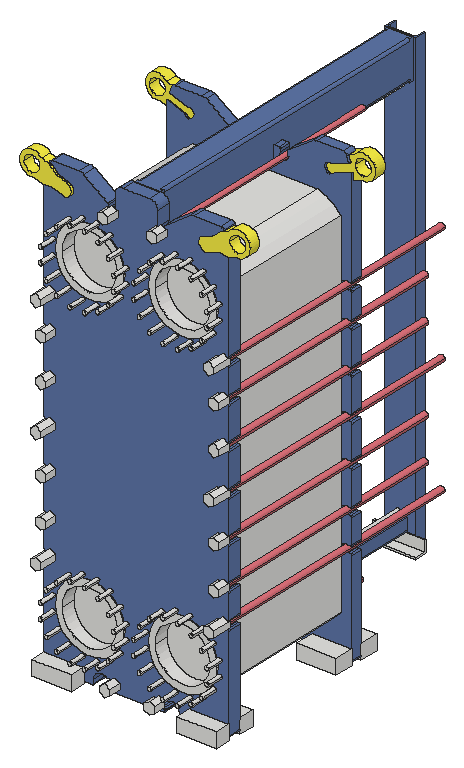
Revit family "HVAC_Heat-Exchanger_Alfa-Laval_Alfa-Laval-T45-FG_ASME_", category Specialty Equipment, Revit 2018 (continued)
Lines and regions (mm)
  Masking region 2, detail levels medium+fine
    outline origin (0, 0, 0) x (1, 0, 0) y (0, 1, 0)
      loop
        line (230, 0) -> (150, 0) -> (150, -92.5) -> (230, -92.5) -> (230, 0)
  Masking region 3, detail levels medium+fine
    outline origin (0, 0, 0) x (1, 0, 0) y (0, 1, 0)
      loop
        line (-712.316, 1269) -> (-712.316, 1189) -> (-100, 1189) -> (-100, 1269) -> (-712.316, 1269)
      loop
        line (100, 1269) -> (100, 1189) -> (715, 1189) -> (715, 1269) -> (100, 1269)
      loop
        line (-715, 105) -> (-715, 0) -> (715, 0) -> (715, 105) -> (-715, 105)
      loop
        line (-107.5, 2576.5) -> (-107.5, 2639) -> (-120, 2639) -> (-120, 2549) -> (120, 2549) -> (120, 2639) -> (107.5, 2639) -> (107.5, 2576.5)
        arc (107.5, 2576.5) -> (103.107, 2565.893) -> (92.5, 2561.5) r 15
        line (92.5, 2561.5) -> (-92.5, 2561.5)
        arc (-92.5, 2561.5) -> (-103.107, 2565.893) -> (-107.5, 2576.5) r 15
  Masking region 4, detail levels medium
    outline origin (0, 0, 0) x (1, 0, 0) y (0, 1, 0)
      loop
        line (-107.5, 2576.5) -> (-107.5, 2639) -> (-120, 2639) -> (-120, 2549) -> (-100, 2549) -> (-100, 1269) -> (-152.5, 1269) -> (-152.5, 1950) -> (-209.5, 1950) -> (-209.5, 1269) -> (-409, 1269) -> (-409, 1423) -> (-646, 1423) -> (-646, 2110) -> (-694, 2110) -> (-694, 1423) -> (-715, 1423) -> (-715, 1284) -> (-891, 1284) -> (-891, 1199) -> (-715, 1199) -> (-715, 1035) -> (-694, 1035) -> (-694, 225) -> (-715, 225) -> (-715, 70) -> (-891, 70) -> (-891, -15) -> (-715, -15) -> (-715, -120) -> (-710, -120) -> (-710, -140) -> (-630, -140) -> (-630, -126) -> (-56.762, -126) -> (-56.762, 0) -> (56.762, 0) -> (56.762, -126) -> (630, -126) -> (630, -140) -> (710, -140) -> (710, -120) -> (715, -120) -> (715, -15) -> (891, -15) -> (891, 70) -> (715, 70) -> (715, 225) -> (694, 225) -> (694, 1035) -> (715, 1035) -> (715, 1199) -> (891, 1199) -> (891, 1284) -> (715, 1284) -> (715, 1423) -> (694, 1423) -> (694, 2110) -> (646, 2110) -> (646, 1423) -> (409, 1423) -> (409, 1269) -> (209.5, 1269) -> (209.5, 1950) -> (152.5, 1950) -> (152.5, 1269) -> (100, 1269) -> (100, 2549) -> (120, 2549) -> (120, 2639) -> (107.5, 2639) -> (107.5, 2576.5)
        arc (107.5, 2576.5) -> (103.107, 2565.893) -> (92.5, 2561.5) r 15
        line (92.5, 2561.5) -> (-92.5, 2561.5)
        arc (-92.5, 2561.5) -> (-103.107, 2565.893) -> (-107.5, 2576.5) r 15
      loop
        line (-646, 1035) -> (-646, 225) -> (-625, 225) -> (-625, 1035) -> (-646, 1035)
      loop
        line (646, 1035) -> (625, 1035) -> (625, 225) -> (646, 225) -> (646, 1035)
  Masking region 5, detail levels coarse
    outline origin (0, 0, 0) x (1, 0, 0) y (0, 1, 0)
      loop
        line (-715, 1423) -> (-715, 0) -> (-630, 0) -> (-630, -126) -> (-56.762, -126) -> (-56.762, 0) -> (56.762, 0) -> (56.762, -126) -> (630, -126) -> (630, 0) -> (715, 0) -> (715, 1423) -> (409, 1423) -> (409, 1269) -> (120, 1269) -> (120, 2449) -> (200, 2449) -> (200, 2549) -> (120, 2549) -> (120, 2639) -> (-120, 2639) -> (-120, 2549) -> (-200, 2549) -> (-200, 2449) -> (-120, 2449) -> (-120, 1269) -> (-409, 1269) -> (-409, 1423) -> (-715, 1423)
  Masking region 6, detail levels coarse
    outline origin (0, 0, 0) x (1, 0, 0) y (0, 1, 0)
      loop
        line (-715, 1423) -> (-715, 1269) -> (-409, 1269) -> (-409, 1423) -> (-715, 1423)
      loop
        line (409, 1423) -> (409, 1269) -> (715, 1269) -> (715, 1423) -> (409, 1423)
      loop
        line (-120, 2639) -> (-120, 1269) -> (120, 1269) -> (120, 2639) -> (-120, 2639)
      loop
        line (-630, -126) -> (-56.762, -126) -> (-56.762, 0) -> (-630, 0) -> (-630, -126)
      loop
        line (630, -126) -> (630, 0) -> (56.762, 0) -> (56.762, -126) -> (630, -126)
  symbolic lines, detail levels medium+fine
    curve 1: line (646, 225, 0) -> (646, 105, 0)
    curve 2: line (-646, 225, 0) -> (-646, 105, 0)
    curve 3: line (-715, -15, 0) -> (-493.386, -15, 0)
    curve 4: line (-493.386, -15, 0) -> (-493.386, 0, 0)
    curve 5: line (715, -15, 0) -> (493.386, -15, 0)
    curve 6: line (493.386, -15, 0) -> (493.386, 0, 0)
    curve 7: line (-663.237, -15, 0) -> (-663.237, -126, 0)
    curve 8: line (-663.237, -126, 0) -> (-629.11, -126, 0)
    curve 9: line (663.237, -15, 0) -> (663.237, -126, 0)
    curve 10: line (663.237, -126, 0) -> (629.11, -126, 0)
    curve 11: line (-646, 1035, 0) -> (-646, 1189, 0)
    curve 12: line (646, 1035, 0) -> (646, 1189, 0)
    curve 13: line (493.386, 1284, 0) -> (879.282, 1284, 0)
    curve 14: line (-493.386, 1284, 0) -> (-879.282, 1284, 0)
  symbolic lines, detail levels fine
    curve 15: line (629.11, -126, 0) -> (629.11, -15, 0)
    curve 16: line (614.541, -126, 0) -> (614.541, -15, 0)
    curve 17: line (585.966, -126, 0) -> (585.966, -15, 0)
    curve 18: line (534.82, -126, 0) -> (534.82, -15, 0)
    curve 19: line (506.245, -126, 0) -> (506.245, -15, 0)
    curve 20: line (430.659, -126, 0) -> (430.659, 0, 0)
    curve 21: line (134.034, -126, 0) -> (134.034, 0, 0)
    curve 22: line (-134.034, -126, 0) -> (-134.034, 0, 0)
    curve 23: line (-430.659, -126, 0) -> (-430.659, 0, 0)
    curve 24: line (-506.245, -126, 0) -> (-506.245, -15, 0)
    curve 25: line (-534.82, -126, 0) -> (-534.82, -15, 0)
    curve 26: line (-585.966, -126, 0) -> (-585.966, -15, 0)
    curve 27: line (-614.442, -126, 0) -> (-614.442, -15, 0)
    curve 28: line (-629.11, -126, 0) -> (-629.11, -15, 0)
Dimensions and locks
  locked: Extrusion 5 sketch curve to plane 1 "Center (Front/Back)" at 120
  locked: plane 1 "Center (Front/Back)" to Extrusion 5 sketch curve at 105
  equal spacing: Extrusion 5 sketch curve, plane 3 "Center (Left/Right)", Extrusion 5 sketch curve
  locked: Extrusion 5 sketch curve to Extrusion 5 sketch curve at 818
  Extrusion 5 sketch curve to plane 3 "Center (Left/Right)" = 715 mm
  locked: plane 1 "Center (Front/Back)" to Extrusion 5 sketch curve at 225
  locked: plane 4 "Back Panel" to Extrusion 5 sketch curve at 154
  locked: Extrusion 5 sketch curve to plane 4 "Back Panel" at 80
  locked: Extrusion 5 sketch curve to plane 4 "Back Panel" at 234
  "zInner_Length": plane 4 "Back Panel" to plane 1 "Center (Front/Back)"
  locked: plane 1 "Center (Front/Back)" to plane 7 "Main body" at 105
  locked: plane 8 to plane 4 "Back Panel" at 80
  "zFirst_Heat_Bars": plane 9 to plane 1 "Center (Front/Back)"
  "zSecond_Heat_Bars": plane 10 to plane 1 "Center (Front/Back)"
  locked: plane 1 "Center (Front/Back)" to plane 12 at 140
  "Depth": plane 11 "Back" to plane 12
  locked: plane 11 "Back" to plane 13 at 90
  locked: plane 14 to plane 6 "Top" at 300
  locked: plane 13 to Extrusion 20 sketch curve at 30
  locked: Extrusion 20 sketch curve to plane 12 at 245
  locked: Extrusion 20 sketch curve to plane 12 at 275
  locked: plane 11 "Back" to Extrusion 24 sketch curve at 90
  locked: plane 11 "Back" to Extrusion 24 sketch curve at 77.5
  plane 3 "Center (Left/Right)" to Extrusion 24 = 120 mm
  locked: plane 13 to Extrusion 25 sketch curve at 14
  locked: plane 13 to Extrusion 25 sketch curve at 100
  locked: Extrusion 27 sketch curve to plane 13 at 100
  locked: plane 8 to Extrusion 35 sketch curve at 154
  locked: Extrusion 35 sketch curve to plane 1 "Center (Front/Back)" at 120
  "Overall Height": plane 15 to level
  "Center Width (Branch Pipes)": plane 17 to plane 16
  "Overall Width": plane 18 to plane 19
  equal spacing: plane 18, plane 3 "Center (Left/Right)", plane 19
  "Center Height (Branch Pipes)": plane 20 to plane 21
  "zLower_Heat_Bars": plane 1 "Center (Front/Back)" to plane 22
  aligned and locked: level to plane 2
  aligned and locked: Extrusion 5 sketch curve to plane 1 "Center (Front/Back)"
  aligned and locked: plane 1 "Center (Front/Back)" to Extrusion 5 sketch curve
  aligned and locked: Extrusion 5 sketch curve to Extrusion 5 sketch curve  (x18)
  aligned and locked: Extrusion 5 sketch curve to plane 4 "Back Panel"
  aligned and locked: plane 4 "Back Panel" to Extrusion 5 sketch curve
  aligned and locked: plane 4 "Back Panel" to Extrusion 9
  aligned and locked: plane 4 "Back Panel" to Extrusion 10
  aligned and locked: plane 9 to Extrusion 11
  aligned and locked: plane 9 to Extrusion 12
  aligned and locked: plane 10 to Extrusion 13
  aligned and locked: Extrusion 13 to plane 10
  aligned and locked: plane 10 to Extrusion 14
  aligned and locked: plane 1 "Center (Front/Back)" to Extrusion 14
  aligned and locked: plane 1 "Center (Front/Back)" to Extrusion 13
  aligned and locked: Extrusion 17 to plane 12
  aligned and locked: Extrusion 18 to plane 12
  aligned and locked: plane 13 to Extrusion 19
  aligned and locked: Extrusion 19 to plane 13
  aligned and locked: plane 6 "Top" to Extrusion 20 sketch curve
  aligned and locked: plane 14 to Extrusion 20 sketch curve
  aligned and locked: plane 13 to Extrusion 20 sketch curve
  aligned and locked: Extrusion 20 sketch curve to plane 14
  aligned and locked: Extrusion 20 sketch curve to plane 6 "Top"
  aligned and locked: plane 13 to Extrusion 21
  aligned and locked: Extrusion 24 sketch curve to plane 11 "Back"
  aligned and locked: Extrusion 24 to level
  aligned and locked: plane 2 to Extrusion 25 sketch curve
  aligned and locked: Extrusion 25 sketch curve to plane 13
  aligned and locked: plane 13 to Extrusion 26
  aligned and locked: Extrusion 27 sketch curve to plane 13
  aligned and locked: level to Extrusion 27 sketch curve
  aligned and locked: Extrusion 28 sketch curve to plane 11 "Back"
  aligned and locked: plane 13 to Extrusion 28 sketch curve
  aligned and locked: Extrusion 29 sketch curve to plane 14
  aligned and locked: plane 13 to Extrusion 29
  aligned and locked: Extrusion 30 sketch curve to plane 8  (x2)
  aligned and locked: Extrusion 30 sketch curve to plane 6 "Top"
  aligned and locked: plane 13 to Extrusion 30 sketch curve
  aligned and locked: level to Extrusion 30 sketch curve
  aligned and locked: Extrusion 30 sketch curve to plane 11 "Back"
  aligned and locked: Extrusion 30 sketch curve to plane 14
  aligned and locked: Extrusion 30 sketch curve to plane 13
  aligned and locked: plane 5 to Extrusion 31 sketch curve
  aligned and locked: Extrusion 31 sketch curve to plane 1 "Center (Front/Back)"
  aligned and locked: Extrusion 31 sketch curve to plane 8
  aligned and locked: plane 6 "Top" to Extrusion 31 sketch curve
  aligned and locked: Extrusion 32 to plane 7 "Main body"
  aligned and locked: Extrusion 35 sketch curve to plane 1 "Center (Front/Back)"  (x2)
  aligned and locked: plane 8 to Extrusion 35 sketch curve  (x2)
  aligned and locked: Extrusion 5 to Extrusion 35 sketch curve  (x2)
  aligned and locked: Extrusion 35 sketch curve to Extrusion 5  (x2)
  aligned and locked: Extrusion 35 sketch curve to Extrusion 35 sketch curve  (x2)
  aligned and locked: Extrusion 35 to Extrusion 5
  aligned and locked: Extrusion 35 to level
  aligned and locked: Masking region 1 sketch curve to Extrusion 24  (x5)
  aligned and locked: Masking region 1 sketch curve to Extrusion 28  (x2)
  aligned and locked: Masking region 1 sketch curve to plane 13
  aligned and locked: plane 8 to Masking region 1 sketch curve
  aligned and locked: Masking region 1 sketch curve to Extrusion 21
  aligned and locked: plane 13 to Masking region 1 sketch curve
  aligned and locked: Masking region 3 sketch curve to Extrusion 2  (x3)
  aligned and locked: plane 4 "Back Panel" to Masking region 3 sketch curve
  aligned and locked: Extrusion 21 to Masking region 3 sketch curve  (x2)
  aligned and locked: plane 8 to Masking region 3 sketch curve
  aligned and locked: Masking region 3 sketch curve to Extrusion 5  (x2)
  aligned and locked: Masking region 3 sketch curve to Extrusion 1
  aligned and locked: Masking region 3 sketch curve to Extrusion 4  (x2)
  aligned and locked: Masking region 3 sketch curve to Extrusion 24  (x5)
  aligned and locked: Masking region 3 sketch curve to Extrusion 28  (x3)
  aligned and locked: Masking region 4 sketch curve to Extrusion 23  (x2)
  aligned and locked: Extrusion 23 to Masking region 4 sketch curve  (x2)
  aligned and locked: Masking region 4 sketch curve to plane 8  (x2)
  aligned and locked: plane 8 to Masking region 4 sketch curve  (x2)
  aligned and locked: Masking region 4 sketch curve to Masking region 4 sketch curve  (x2)
  aligned and locked: Masking region 4 sketch curve to Extrusion 5  (x2)
  aligned and locked: plane 9 to Masking region 4 sketch curve
  aligned and locked: Masking region 4 sketch curve to plane 9
  aligned and locked: plane 10 to Masking region 4 sketch curve
  aligned and locked: Masking region 4 sketch curve to plane 10
  aligned and locked: Masking region 4 sketch curve to plane 13  (x2)
  aligned and locked: plane 11 "Back" to Masking region 4 sketch curve  (x2)
  aligned and locked: Masking region 5 sketch curve to Extrusion 35
  aligned and locked: Masking region 5 sketch curve to plane 8
  aligned and locked: Masking region 5 sketch curve to plane 11 "Back"
  aligned and locked: Masking region 5 sketch curve to Extrusion 27
  aligned and locked: Masking region 5 sketch curve to plane 13
  aligned and locked: Masking region 6 sketch curve to Extrusion 5  (x5)
  aligned and locked: Masking region 6 sketch curve to Masking region 5  (x2)
  aligned and locked: Masking region 6 sketch curve to Extrusion 3
  aligned and locked: Masking region 6 sketch curve to Extrusion 31
  aligned and locked: Masking region 6 sketch curve to Extrusion 28
  aligned and locked: Masking region 6 sketch curve to Extrusion 30
  aligned and locked: Extrusion 2 to Masking region 6 sketch curve
  aligned and locked: Extrusion 36 to plane 22
  aligned and locked: Extrusion 37 to plane 22
Automatic sketch dimensions
  Extrusion 3 sketch curve to plane 5 = 0 mm
  Extrusion 3 sketch curve to plane 6 "Top" = 0 mm
  plane 3 "Center (Left/Right)" to Extrusion 3 sketch curve = 715 mm
  Extrusion 3 sketch curve to plane 3 "Center (Left/Right)" = 715 mm
  Extrusion 5 sketch curve to Extrusion 5 sketch curve = 306 mm
  Extrusion 6 sketch curve to plane 3 "Center (Left/Right)" = 643.398 mm  (x2)
  Extrusion 6 sketch curve to Extrusion 6 sketch curve = 0 mm  (x13)
  Extrusion 6 sketch curve to Extrusion 6 sketch curve = 43.145 mm  (x22)
  Extrusion 6 sketch curve to Extrusion 6 sketch curve = 79.721 mm  (x32)
  Extrusion 6 sketch curve to Extrusion 6 sketch curve = 104.161 mm  (x32)
  Extrusion 6 sketch curve to Extrusion 6 sketch curve = 112.743 mm  (x16)
  Extrusion 6 sketch curve to plane 3 "Center (Left/Right)" = 76.602 mm  (x4)
  plane 3 "Center (Left/Right)" to Extrusion 6 sketch curve = 76.602 mm  (x4)
  plane 5 to Extrusion 6 sketch curve = 172.102 mm  (x2)
  plane 6 "Top" to Extrusion 6 sketch curve = 879.898 mm
  Extrusion 7 sketch curve to Extrusion 7 sketch curve = 0 mm  (x8)
  Extrusion 7 sketch curve to plane 3 "Center (Left/Right)" = 360 mm  (x2)
  plane 3 "Center (Left/Right)" to Extrusion 7 sketch curve = 360 mm  (x2)
  plane 5 to Extrusion 7 sketch curve = 455.5 mm  (x2)
  plane 6 "Top" to Extrusion 7 sketch curve = 596.5 mm  (x2)
  Extrusion 8 sketch curve to plane 3 "Center (Left/Right)" = 663.237 mm  (x2)
  plane 6 "Top" to Extrusion 8 sketch curve = 293.262 mm
  Extrusion 8 sketch curve to plane 3 "Center (Left/Right)" = 56.762 mm  (x2)
  plane 3 "Center (Left/Right)" to Extrusion 8 sketch curve = 56.762 mm  (x2)
  Extrusion 8 sketch curve to Extrusion 8 sketch curve = 606.475 mm  (x4)
  plane 5 to Extrusion 8 sketch curve = 152.262 mm  (x2)
  Extrusion 8 sketch curve to Extrusion 8 sketch curve = 0 mm  (x2)
  plane 6 "Top" to Extrusion 8 sketch curve = 899.737 mm
  Extrusion 8 sketch curve to Extrusion 8 sketch curve = 28.6 mm  (x16)
  plane 5 to Extrusion 9 sketch curve = 189.5 mm
  Extrusion 9 sketch curve to plane 3 "Center (Left/Right)" = 344.742 mm  (x2)
  plane 3 "Center (Left/Right)" to Extrusion 9 sketch curve = 344.742 mm
  Extrusion 9 sketch curve to Extrusion 9 sketch curve = 103.094 mm  (x3)
  Extrusion 9 sketch curve to Extrusion 9 sketch curve = 177.164 mm  (x4)
  Extrusion 9 sketch curve to Extrusion 9 sketch curve = 122.999 mm  (x2)
  Extrusion 9 sketch curve to Extrusion 9 sketch curve = 337.583 mm
  Extrusion 9 sketch curve to Extrusion 9 sketch curve = 0 mm
  plane 6 "Top" to Extrusion 9 sketch curve = 330.5 mm
  Extrusion 10 sketch curve to plane 3 "Center (Left/Right)" = 625 mm
  plane 5 to Extrusion 10 sketch curve = 189.5 mm
  plane 3 "Center (Left/Right)" to Extrusion 10 sketch curve = 625 mm
  plane 6 "Top" to Extrusion 10 sketch curve = 330.5 mm
  Extrusion 11 sketch curve to plane 3 "Center (Left/Right)" = 670 mm
  Extrusion 11 sketch curve to Extrusion 11 sketch curve = 0 mm  (x6)
  Extrusion 11 sketch curve to plane 3 "Center (Left/Right)" = 190 mm
  plane 3 "Center (Left/Right)" to Extrusion 11 sketch curve = 190 mm
  plane 3 "Center (Left/Right)" to Extrusion 11 sketch curve = 670 mm
  plane 5 to Extrusion 11 sketch curve = 1041.5 mm  (x2)
  Extrusion 11 sketch curve to Extrusion 11 sketch curve = 324 mm  (x4)
  Extrusion 11 sketch curve to Extrusion 11 sketch curve = 648 mm  (x2)
  plane 6 "Top" to Extrusion 11 sketch curve = 196 mm  (x2)
  Extrusion 12 sketch curve to plane 3 "Center (Left/Right)" = 694 mm  (x2)
  Extrusion 12 sketch curve to Extrusion 12 sketch curve = 0 mm  (x4)
  Extrusion 12 sketch curve to Extrusion 12 sketch curve = 48 mm  (x16)
  Extrusion 12 sketch curve to plane 3 "Center (Left/Right)" = 209.5 mm
  Extrusion 12 sketch curve to Extrusion 12 sketch curve = 39 mm  (x4)
  plane 3 "Center (Left/Right)" to Extrusion 12 sketch curve = 170.5 mm
  plane 3 "Center (Left/Right)" to Extrusion 12 sketch curve = 646 mm  (x2)
  plane 5 to Extrusion 12 sketch curve = 1017.5 mm  (x2)
  Extrusion 12 sketch curve to Extrusion 12 sketch curve = 276 mm  (x4)
  Extrusion 12 sketch curve to Extrusion 12 sketch curve = 600 mm  (x2)
  plane 6 "Top" to Extrusion 12 sketch curve = 215.5 mm  (x2)
  Extrusion 13 sketch curve to plane 3 "Center (Left/Right)" = 670 mm  (x3)
  plane 3 "Center (Left/Right)" to Extrusion 13 sketch curve = 670 mm  (x3)
  plane 5 to Extrusion 13 sketch curve = 776.5 mm  (x2)
  Extrusion 13 sketch curve to Extrusion 13 sketch curve = 913 mm  (x4)
  Extrusion 14 sketch curve to plane 3 "Center (Left/Right)" = 694 mm  (x3)
  Extrusion 14 sketch curve to Extrusion 14 sketch curve = 48 mm  (x12)
  plane 3 "Center (Left/Right)" to Extrusion 14 sketch curve = 646 mm  (x3)
  plane 5 to Extrusion 14 sketch curve = 752.5 mm  (x2)
  Extrusion 14 sketch curve to Extrusion 14 sketch curve = 865 mm  (x4)
  Extrusion 15 sketch curve to plane 3 "Center (Left/Right)" = 710 mm
  Extrusion 15 sketch curve to Extrusion 15 sketch curve = 0 mm  (x5)
  Extrusion 15 sketch curve to Extrusion 15 sketch curve = 40 mm  (x36)
  Extrusion 15 sketch curve to plane 3 "Center (Left/Right)" = 230 mm
  plane 5 to Extrusion 15 sketch curve = 31.906 mm  (x4)
  Extrusion 15 sketch curve to plane 3 "Center (Left/Right)" = 212 mm
  plane 5 to Extrusion 15 sketch curve = 8.812 mm  (x2)
  plane 3 "Center (Left/Right)" to Extrusion 15 sketch curve = 132 mm
  plane 3 "Center (Left/Right)" to Extrusion 15 sketch curve = 150 mm
  plane 3 "Center (Left/Right)" to Extrusion 15 sketch curve = 630 mm  (x2)
  Extrusion 15 sketch curve to Extrusion 15 sketch curve = 46.188 mm  (x24)
  Extrusion 15 sketch curve to Extrusion 15 sketch curve = 23.094 mm  (x32)
  plane 5 to Extrusion 15 sketch curve = 995.312 mm  (x2)
  Extrusion 15 sketch curve to Extrusion 15 sketch curve = 231.624 mm  (x4)
  Extrusion 15 sketch curve to Extrusion 15 sketch curve = 555.624 mm  (x2)
  plane 6 "Top" to Extrusion 15 sketch curve = 242.188 mm  (x2)
  Extrusion 16 sketch curve to plane 3 "Center (Left/Right)" = 710 mm  (x2)
  Extrusion 16 sketch curve to Extrusion 16 sketch curve = 0 mm  (x4)
  Extrusion 16 sketch curve to Extrusion 16 sketch curve = 80 mm  (x12)
  Extrusion 16 sketch curve to plane 3 "Center (Left/Right)" = 230 mm
  plane 5 to Extrusion 16 sketch curve = 8.812 mm  (x2)
  Extrusion 16 sketch curve to plane 3 "Center (Left/Right)" = 212 mm
  plane 3 "Center (Left/Right)" to Extrusion 16 sketch curve = 132 mm
  plane 3 "Center (Left/Right)" to Extrusion 16 sketch curve = 150 mm
  plane 3 "Center (Left/Right)" to Extrusion 16 sketch curve = 630 mm  (x2)
  Extrusion 16 sketch curve to Extrusion 16 sketch curve = 92.376 mm  (x12)
  Extrusion 16 sketch curve to Extrusion 16 sketch curve = 894.124 mm
  plane 5 to Extrusion 16 sketch curve = 995.312 mm
  Extrusion 16 sketch curve to Extrusion 16 sketch curve = 231.624 mm  (x4)
  Extrusion 16 sketch curve to Extrusion 16 sketch curve = 555.624 mm  (x2)
  plane 6 "Top" to Extrusion 16 sketch curve = 242.188 mm  (x2)
  Extrusion 17 sketch curve to plane 3 "Center (Left/Right)" = 710 mm  (x3)
  Extrusion 17 sketch curve to Extrusion 17 sketch curve = 40 mm  (x18)
  plane 3 "Center (Left/Right)" to Extrusion 17 sketch curve = 630 mm  (x3)
  plane 5 to Extrusion 17 sketch curve = 730.312 mm  (x2)
  Extrusion 17 sketch curve to Extrusion 17 sketch curve = 23.094 mm  (x18)
  Extrusion 17 sketch curve to Extrusion 17 sketch curve = 46.188 mm  (x12)
  Extrusion 17 sketch curve to Extrusion 17 sketch curve = 820.624 mm  (x4)
  Extrusion 18 sketch curve to plane 3 "Center (Left/Right)" = 710 mm  (x3)
  Extrusion 18 sketch curve to Extrusion 18 sketch curve = 80 mm  (x6)
  plane 3 "Center (Left/Right)" to Extrusion 18 sketch curve = 630 mm  (x3)
  plane 5 to Extrusion 18 sketch curve = 730.312 mm  (x2)
  Extrusion 18 sketch curve to Extrusion 18 sketch curve = 92.376 mm  (x6)
  Extrusion 18 sketch curve to Extrusion 18 sketch curve = 820.624 mm  (x4)
  Extrusion 19 sketch curve to plane 6 "Top" = 0 mm
  plane 6 "Top" to Extrusion 19 sketch curve = 20 mm  (x2)
  Extrusion 19 sketch curve to plane 3 "Center (Left/Right)" = 100 mm
  Extrusion 19 sketch curve to Extrusion 19 sketch curve = 20 mm  (x2)
  Extrusion 19 sketch curve to plane 3 "Center (Left/Right)" = 50 mm
  plane 3 "Center (Left/Right)" to Extrusion 19 sketch curve = 43.75 mm  (x2)
  plane 3 "Center (Left/Right)" to Extrusion 19 sketch curve = 80 mm
  Extrusion 19 sketch curve to Extrusion 19 sketch curve = 260 mm
  plane 5 to Extrusion 19 sketch curve = 175.5 mm
  plane 5 to Extrusion 19 sketch curve = 81.75 mm
  Extrusion 21 sketch curve to plane 6 "Top" = 0 mm
  Extrusion 21 sketch curve to plane 14 = 0 mm
  Extrusion 21 sketch curve to plane 3 "Center (Left/Right)" = 100 mm
  Extrusion 21 sketch curve to plane 3 "Center (Left/Right)" = 50 mm
  plane 3 "Center (Left/Right)" to Extrusion 21 sketch curve = 50 mm
  plane 3 "Center (Left/Right)" to Extrusion 21 sketch curve = 100 mm
  plane 5 to Extrusion 21 sketch curve = 175.5 mm
  plane 5 to Extrusion 21 sketch curve = 75.5 mm
  Extrusion 1 sketch curve to plane 5 = 0 mm  (x7)
  Extrusion 1 sketch curve to plane 6 "Top" = 0 mm  (x3)
  plane 5 to Extrusion 1 sketch curve = 10 mm  (x7)
  Extrusion 1 sketch curve to plane 3 "Center (Left/Right)" = 715 mm  (x2)
  Extrusion 1 sketch curve to Extrusion 1 sketch curve = 0 mm  (x13)
  Extrusion 1 sketch curve to Extrusion 1 sketch curve = 2 mm  (x2)
  plane 6 "Top" to Extrusion 1 sketch curve = 125.431 mm  (x2)
  Extrusion 1 sketch curve to Extrusion 1 sketch curve = 0.684 mm  (x4)
  Extrusion 1 sketch curve to Extrusion 1 sketch curve = 10 mm  (x32)
  plane 6 "Top" to Extrusion 1 sketch curve = 64.211 mm  (x2)
  Extrusion 1 sketch curve to Extrusion 1 sketch curve = 19.272 mm
  plane 6 "Top" to Extrusion 1 sketch curve = 66.774 mm  (x2)
  Extrusion 1 sketch curve to Extrusion 1 sketch curve = 1.195 mm
  Extrusion 1 sketch curve to Extrusion 1 sketch curve = 15.169 mm  (x29)
  plane 6 "Top" to Extrusion 1 sketch curve = 19.739 mm  (x2)
  Extrusion 1 sketch curve to Extrusion 1 sketch curve = 16.186 mm
  Extrusion 1 sketch curve to Extrusion 1 sketch curve = 19.831 mm  (x25)
  Extrusion 1 sketch curve to Extrusion 1 sketch curve = 28.191 mm
  Extrusion 1 sketch curve to plane 14 = 125.974 mm  (x2)
  Extrusion 1 sketch curve to Extrusion 1 sketch curve = 133.513 mm
  Extrusion 1 sketch curve to Extrusion 1 sketch curve = 128 mm  (x2)
  Extrusion 1 sketch curve to Extrusion 1 sketch curve = 6 mm  (x2)
  plane 6 "Top" to Extrusion 1 sketch curve = 115.652 mm  (x2)
  Extrusion 1 sketch curve to Extrusion 1 sketch curve = 21.246 mm
  Extrusion 1 sketch curve to Extrusion 1 sketch curve = 21 mm  (x3)
  Extrusion 1 sketch curve to Extrusion 1 sketch curve = 12.309 mm  (x2)
  Extrusion 1 sketch curve to Extrusion 1 sketch curve = 82 mm  (x2)
  Extrusion 1 sketch curve to Extrusion 1 sketch curve = 113.129 mm
  Extrusion 1 sketch curve to Extrusion 1 sketch curve = 15 mm  (x3)
  plane 6 "Top" to Extrusion 1 sketch curve = 10.851 mm  (x2)
  Extrusion 1 sketch curve to Extrusion 1 sketch curve = 34.415 mm
  Extrusion 1 sketch curve to plane 3 "Center (Left/Right)" = 360 mm  (x2)
  Extrusion 1 sketch curve to Extrusion 1 sketch curve = 85.5 mm  (x2)
  Extrusion 1 sketch curve to Extrusion 1 sketch curve = 57.5 mm  (x2)
  Extrusion 1 sketch curve to plane 3 "Center (Left/Right)" = 227 mm
  Extrusion 1 sketch curve to Extrusion 1 sketch curve = 45.891 mm
  plane 6 "Top" to Extrusion 1 sketch curve = 143.015 mm  (x2)
  Extrusion 1 sketch curve to Extrusion 1 sketch curve = 5.736 mm
  plane 5 to Extrusion 1 sketch curve = 18 mm
  Extrusion 1 sketch curve to Extrusion 1 sketch curve = 55 mm  (x2)
  Extrusion 1 sketch curve to Extrusion 1 sketch curve = 34.278 mm  (x2)
  Extrusion 1 sketch curve to Extrusion 1 sketch curve = 27 mm  (x19)
  Extrusion 1 sketch curve to Extrusion 1 sketch curve = 60 mm
  plane 3 "Center (Left/Right)" to Extrusion 1 sketch curve = 103 mm
  plane 6 "Top" to Extrusion 1 sketch curve = 60 mm  (x2)
  plane 5 to Extrusion 1 sketch curve = 55 mm
  plane 3 "Center (Left/Right)" to Extrusion 1 sketch curve = 172 mm
  Extrusion 1 sketch curve to Extrusion 1 sketch curve = 4.264 mm
  plane 3 "Center (Left/Right)" to Extrusion 1 sketch curve = 360 mm  (x2)
  Extrusion 1 sketch curve to Extrusion 1 sketch curve = 188.749 mm
  Extrusion 1 sketch curve to Extrusion 1 sketch curve = 100.82 mm
  Extrusion 1 sketch curve to Extrusion 1 sketch curve = 33.555 mm
  plane 6 "Top" to Extrusion 1 sketch curve = 30 mm
  Extrusion 1 sketch curve to Extrusion 1 sketch curve = 91.11 mm
  Extrusion 1 sketch curve to Extrusion 1 sketch curve = 310 mm  (x2)
  Extrusion 1 sketch curve to Extrusion 1 sketch curve = 14.307 mm
  Extrusion 1 sketch curve to Extrusion 1 sketch curve = 1.879 mm
  Extrusion 1 sketch curve to Extrusion 1 sketch curve = 20.468 mm
  Extrusion 1 sketch curve to Extrusion 1 sketch curve = 8 mm
  Extrusion 1 sketch curve to Extrusion 1 sketch curve = 16.875 mm  (x4)
  plane 5 to Extrusion 1 sketch curve = 42.5 mm
  Extrusion 1 sketch curve to Extrusion 1 sketch curve = 32.5 mm
  Extrusion 1 sketch curve to Extrusion 1 sketch curve = 363.5 mm  (x2)
  Extrusion 1 sketch curve to Extrusion 1 sketch curve = 284 mm  (x2)
  Extrusion 1 sketch curve to Extrusion 1 sketch curve = 191 mm  (x4)
  Extrusion 1 sketch curve to Extrusion 1 sketch curve = 250 mm  (x8)
  plane 14 to Extrusion 1 sketch curve = 296.5 mm  (x2)
  Extrusion 1 sketch curve to Extrusion 1 sketch curve = 44.794 mm  (x2)
  Extrusion 1 sketch curve to Extrusion 1 sketch curve = 24.963 mm
  Extrusion 2 sketch curve to plane 5 = 0 mm  (x8)
  Extrusion 2 sketch curve to plane 6 "Top" = 0 mm  (x2)
  plane 3 "Center (Left/Right)" to Extrusion 2 sketch curve = 715 mm  (x2)
  Extrusion 2 sketch curve to Extrusion 2 sketch curve = 0 mm  (x13)
  Extrusion 2 sketch curve to Extrusion 2 sketch curve = 2 mm  (x2)
  plane 6 "Top" to Extrusion 2 sketch curve = 125.431 mm  (x2)
  Extrusion 2 sketch curve to Extrusion 2 sketch curve = 0.684 mm  (x3)
  Extrusion 2 sketch curve to Extrusion 2 sketch curve = 10 mm  (x38)
  plane 6 "Top" to Extrusion 2 sketch curve = 64.211 mm  (x2)
  Extrusion 2 sketch curve to Extrusion 2 sketch curve = 19.272 mm
  plane 6 "Top" to Extrusion 2 sketch curve = 66.774 mm  (x2)
  Extrusion 2 sketch curve to Extrusion 2 sketch curve = 1.195 mm
  Extrusion 2 sketch curve to Extrusion 2 sketch curve = 1.879 mm  (x2)
  Extrusion 2 sketch curve to Extrusion 2 sketch curve = 15.169 mm  (x31)
  plane 6 "Top" to Extrusion 2 sketch curve = 19.739 mm  (x2)
  Extrusion 2 sketch curve to Extrusion 2 sketch curve = 16.186 mm
  Extrusion 2 sketch curve to Extrusion 2 sketch curve = 19.831 mm  (x26)
  Extrusion 2 sketch curve to Extrusion 2 sketch curve = 28.191 mm
  Extrusion 2 sketch curve to plane 14 = 125.974 mm  (x2)
  Extrusion 2 sketch curve to Extrusion 2 sketch curve = 133.513 mm
  Extrusion 2 sketch curve to Extrusion 2 sketch curve = 128 mm  (x2)
  Extrusion 2 sketch curve to Extrusion 2 sketch curve = 4 mm
  plane 6 "Top" to Extrusion 2 sketch curve = 115.652 mm  (x2)
  Extrusion 2 sketch curve to Extrusion 2 sketch curve = 21.246 mm
  Extrusion 2 sketch curve to Extrusion 2 sketch curve = 21 mm  (x3)
  Extrusion 2 sketch curve to Extrusion 2 sketch curve = 12.309 mm  (x2)
  plane 5 to Extrusion 2 sketch curve = 10 mm  (x7)
  Extrusion 2 sketch curve to Extrusion 2 sketch curve = 82 mm  (x2)
  Extrusion 2 sketch curve to Extrusion 2 sketch curve = 6 mm
  Extrusion 2 sketch curve to Extrusion 2 sketch curve = 113.129 mm
  Extrusion 2 sketch curve to Extrusion 2 sketch curve = 15 mm  (x5)
  plane 6 "Top" to Extrusion 2 sketch curve = 10.851 mm  (x2)
  Extrusion 2 sketch curve to Extrusion 2 sketch curve = 34.415 mm  (x2)
  Extrusion 2 sketch curve to Extrusion 2 sketch curve = 85.5 mm  (x2)
  Extrusion 2 sketch curve to Extrusion 2 sketch curve = 57.5 mm  (x2)
  plane 3 "Center (Left/Right)" to Extrusion 2 sketch curve = 227 mm
  Extrusion 2 sketch curve to Extrusion 2 sketch curve = 45.891 mm
  plane 6 "Top" to Extrusion 2 sketch curve = 143.015 mm  (x2)
  Extrusion 2 sketch curve to Extrusion 2 sketch curve = 5.736 mm
  Extrusion 2 sketch curve to Extrusion 2 sketch curve = 55 mm  (x2)
  Extrusion 2 sketch curve to Extrusion 2 sketch curve = 34.278 mm  (x2)
  Extrusion 2 sketch curve to Extrusion 2 sketch curve = 27 mm  (x20)
  Extrusion 2 sketch curve to Extrusion 2 sketch curve = 49.5 mm  (x2)
  Extrusion 2 sketch curve to Extrusion 2 sketch curve = 35.5 mm  (x2)
  Extrusion 2 sketch curve to plane 14 = 2.5 mm  (x2)
  plane 3 "Center (Left/Right)" to Extrusion 2 sketch curve = 107.5 mm
  plane 14 to Extrusion 2 sketch curve = 7.5 mm  (x2)
  Extrusion 2 sketch curve to Extrusion 2 sketch curve = 35.04 mm
  Extrusion 2 sketch curve to Extrusion 2 sketch curve = 0.978 mm
  Extrusion 2 sketch curve to Extrusion 2 sketch curve = 6.017 mm
  plane 14 to Extrusion 2 sketch curve = 10.5 mm
  Extrusion 2 sketch curve to Extrusion 2 sketch curve = 8.982 mm
  Extrusion 2 sketch curve to Extrusion 2 sketch curve = 9.978 mm  (x2)
  Extrusion 2 sketch curve to Extrusion 2 sketch curve = 20.066 mm
  Extrusion 2 sketch curve to Extrusion 2 sketch curve = 20 mm  (x3)
  Extrusion 2 sketch curve to Extrusion 2 sketch curve = 2.726 mm
  Extrusion 2 sketch curve to Extrusion 2 sketch curve = 7.274 mm  (x2)
  plane 3 "Center (Left/Right)" to Extrusion 2 sketch curve = 20 mm
  plane 3 "Center (Left/Right)" to Extrusion 2 sketch curve = 10 mm
  Extrusion 2 sketch curve to plane 3 "Center (Left/Right)" = 10 mm
  Extrusion 2 sketch curve to plane 3 "Center (Left/Right)" = 20 mm
  Extrusion 2 sketch curve to Extrusion 2 sketch curve = 12.5 mm
  Extrusion 2 sketch curve to Extrusion 2 sketch curve = 16.377 mm
  Extrusion 2 sketch curve to Extrusion 2 sketch curve = 29.5 mm
  Extrusion 2 sketch curve to Extrusion 2 sketch curve = 16.105 mm
  Extrusion 2 sketch curve to Extrusion 2 sketch curve = 3 mm  (x3)
  Extrusion 2 sketch curve to Extrusion 2 sketch curve = 9 mm
  Extrusion 2 sketch curve to Extrusion 2 sketch curve = 36.018 mm
  Extrusion 2 sketch curve to Extrusion 2 sketch curve = 60 mm
  Extrusion 2 sketch curve to Extrusion 2 sketch curve = 4.264 mm
  Extrusion 2 sketch curve to Extrusion 2 sketch curve = 188.749 mm
  Extrusion 2 sketch curve to Extrusion 2 sketch curve = 100.82 mm
  Extrusion 2 sketch curve to Extrusion 2 sketch curve = 33.555 mm
  plane 6 "Top" to Extrusion 2 sketch curve = 30 mm
  Extrusion 2 sketch curve to Extrusion 2 sketch curve = 91.11 mm
  Extrusion 2 sketch curve to plane 3 "Center (Left/Right)" = 670 mm
  Extrusion 2 sketch curve to Extrusion 2 sketch curve = 14.307 mm
  Extrusion 2 sketch curve to Extrusion 2 sketch curve = 20.468 mm
  Extrusion 2 sketch curve to Extrusion 2 sketch curve = 8 mm  (x2)
  Extrusion 2 sketch curve to Extrusion 2 sketch curve = 16.875 mm  (x4)
  Extrusion 2 sketch curve to Extrusion 2 sketch curve = 32.5 mm  (x2)
  Extrusion 2 sketch curve to Extrusion 2 sketch curve = 118 mm
  Extrusion 2 sketch curve to Extrusion 2 sketch curve = 18 mm  (x2)
  Extrusion 2 sketch curve to Extrusion 2 sketch curve = 692.5 mm  (x2)
  Extrusion 2 sketch curve to Extrusion 2 sketch curve = 191 mm  (x4)
  Extrusion 2 sketch curve to Extrusion 2 sketch curve = 250 mm  (x8)
  Extrusion 2 sketch curve to Extrusion 2 sketch curve = 70 mm
  Extrusion 2 sketch curve to Extrusion 2 sketch curve = 3.506 mm  (x2)
  Extrusion 2 sketch curve to Extrusion 2 sketch curve = 9.005 mm
  Extrusion 2 sketch curve to Extrusion 2 sketch curve = 18.187 mm
  Extrusion 2 sketch curve to Extrusion 2 sketch curve = 9.182 mm
  Extrusion 2 sketch curve to Extrusion 2 sketch curve = 0.664 mm
  Extrusion 2 sketch curve to Extrusion 2 sketch curve = 14.692 mm  (x2)
  Extrusion 2 sketch curve to Extrusion 2 sketch curve = 44.794 mm  (x2)
  Extrusion 2 sketch curve to Extrusion 2 sketch curve = 20.169 mm  (x2)
  Extrusion 2 sketch curve to Extrusion 2 sketch curve = 3.96 mm
  Extrusion 19 sketch curve to Extrusion 19 sketch curve = 6.25 mm  (x3)
  Extrusion 24 sketch curve to plane 11 "Back" = 0 mm
  Extrusion 24 sketch curve to plane 3 "Center (Left/Right)" = 120 mm
  Extrusion 24 sketch curve to Extrusion 24 sketch curve = 12.5 mm
  Extrusion 24 sketch curve to Extrusion 24 sketch curve = 15 mm  (x2)
  plane 3 "Center (Left/Right)" to Extrusion 24 sketch curve = 92.5 mm
  Extrusion 24 sketch curve to Extrusion 24 sketch curve = 27.5 mm
  Extrusion 25 sketch curve to plane 5 = 6 mm
  plane 5 to Extrusion 25 sketch curve = 75.5 mm
  Extrusion 26 sketch curve to plane 14 = 0 mm
  Extrusion 26 sketch curve to plane 3 "Center (Left/Right)" = 25 mm
  Extrusion 26 sketch curve to plane 3 "Center (Left/Right)" = 20 mm
  Extrusion 26 sketch curve to Extrusion 26 sketch curve = 3.25 mm  (x3)
  Extrusion 26 sketch curve to plane 3 "Center (Left/Right)" = 12 mm
  Extrusion 26 sketch curve to plane 3 "Center (Left/Right)" = 5 mm
  plane 3 "Center (Left/Right)" to Extrusion 26 sketch curve = 5 mm
  Extrusion 26 sketch curve to Extrusion 26 sketch curve = 7 mm
  plane 3 "Center (Left/Right)" to Extrusion 26 sketch curve = 16.75 mm  (x2)
  Extrusion 26 sketch curve to Extrusion 26 sketch curve = 13 mm
  Extrusion 26 sketch curve to Extrusion 26 sketch curve = 43 mm
  Extrusion 26 sketch curve to Extrusion 26 sketch curve = 0 mm
  Extrusion 26 sketch curve to Extrusion 26 sketch curve = 10 mm
  plane 5 to Extrusion 26 sketch curve = 215.5 mm
  Extrusion 26 sketch curve to Extrusion 26 sketch curve = 33.5 mm
  plane 5 to Extrusion 27 sketch curve = 75.5 mm
  Extrusion 28 sketch curve to plane 3 "Center (Left/Right)" = 120 mm
  plane 3 "Center (Left/Right)" to Extrusion 28 sketch curve = 120 mm
  plane 3 "Center (Left/Right)" to Extrusion 29 sketch curve = 25 mm
  plane 3 "Center (Left/Right)" to Extrusion 29 sketch curve = 20 mm
  Extrusion 29 sketch curve to plane 3 "Center (Left/Right)" = 20 mm
  Extrusion 29 sketch curve to plane 3 "Center (Left/Right)" = 25 mm
  plane 5 to Extrusion 29 sketch curve = 215.5 mm
  Extrusion 29 sketch curve to Extrusion 29 sketch curve = 40 mm
  Extrusion 29 sketch curve to Extrusion 29 sketch curve = 60 mm
  plane 5 to Extrusion 30 sketch curve = 75.5 mm
  Extrusion 30 sketch curve to Extrusion 30 sketch curve = 102.5 mm
  Extrusion 4 sketch curve to plane 6 "Top" = 0 mm
  Extrusion 4 sketch curve to plane 5 = 0 mm
  Extrusion 4 sketch curve to plane 3 "Center (Left/Right)" = 715 mm
  Extrusion 4 sketch curve to plane 3 "Center (Left/Right)" = 360 mm  (x2)
  plane 3 "Center (Left/Right)" to Extrusion 4 sketch curve = 360 mm  (x2)
  Extrusion 4 sketch curve to Extrusion 4 sketch curve = 355 mm
  plane 5 to Extrusion 4 sketch curve = 455.5 mm  (x2)
  plane 14 to Extrusion 4 sketch curve = 296.5 mm  (x2)
  plane 3 "Center (Left/Right)" to Extrusion 35 sketch curve = 715 mm
  Extrusion 35 sketch curve to Extrusion 35 sketch curve = 306 mm  (x2)
  Extrusion 35 sketch curve to plane 3 "Center (Left/Right)" = 409 mm
  Extrusion 32 sketch curve to Extrusion 32 sketch curve = 0 mm  (x8)
  Extrusion 32 sketch curve to plane 3 "Center (Left/Right)" = 360 mm  (x2)
  plane 3 "Center (Left/Right)" to Extrusion 32 sketch curve = 360 mm  (x2)
  plane 5 to Extrusion 32 sketch curve = 455.5 mm  (x2)
  plane 14 to Extrusion 32 sketch curve = 296.5 mm  (x2)
  Masking region 2 sketch curve to plane 4 "Back Panel" = 0 mm  (x6)
  plane 7 "Main body" to Masking region 2 sketch curve = 0 mm  (x6)
  Masking region 2 sketch curve to plane 12 = 0 mm  (x2)
  plane 8 to Masking region 2 sketch curve = 0 mm  (x2)
  plane 1 "Center (Front/Back)" to Masking region 2 sketch curve = 0 mm  (x2)
  Masking region 2 sketch curve to plane 13 = 0 mm  (x2)
  Masking region 2 sketch curve to plane 3 "Center (Left/Right)" = 715 mm  (x2)
  Masking region 2 sketch curve to plane 7 "Main body" = 120 mm
  Masking region 2 sketch curve to Masking region 2 sketch curve = 0 mm  (x3)
  Masking region 2 sketch curve to Masking region 2 sketch curve = 5 mm
  Masking region 2 sketch curve to Masking region 2 sketch curve = 21 mm  (x4)
  Masking region 2 sketch curve to Masking region 2 sketch curve = 21.956 mm  (x2)
  plane 1 "Center (Front/Back)" to Masking region 2 sketch curve = 15 mm  (x2)
  Masking region 2 sketch curve to Masking region 2 sketch curve = 40 mm  (x2)
  Masking region 2 sketch curve to Masking region 2 sketch curve = 48 mm  (x2)
  Masking region 2 sketch curve to Masking region 2 sketch curve = 68.044 mm  (x2)
  Masking region 2 sketch curve to plane 8 = 15 mm  (x3)
  Masking region 2 sketch curve to Masking region 2 sketch curve = 152.614 mm  (x2)
  Masking region 2 sketch curve to Masking region 2 sketch curve = 84.386 mm  (x2)
  Masking region 2 sketch curve to plane 3 "Center (Left/Right)" = 230 mm
  Masking region 2 sketch curve to plane 3 "Center (Left/Right)" = 209.5 mm
  Masking region 2 sketch curve to plane 3 "Center (Left/Right)" = 200 mm
  Masking region 2 sketch curve to Masking region 2 sketch curve = 39 mm  (x2)
  Masking region 2 sketch curve to Masking region 2 sketch curve = 80 mm  (x2)
  Masking region 2 sketch curve to plane 3 "Center (Left/Right)" = 100 mm
  Masking region 2 sketch curve to Masking region 2 sketch curve = 70.5 mm  (x2)
  plane 3 "Center (Left/Right)" to Masking region 2 sketch curve = 100 mm  (x2)
  Masking region 2 sketch curve to Masking region 2 sketch curve = 50 mm
  Masking region 2 sketch curve to Masking region 2 sketch curve = 100 mm
  Masking region 2 sketch curve to Masking region 2 sketch curve = 199.5 mm
  Masking region 2 sketch curve to Masking region 2 sketch curve = 131.614 mm
  Masking region 2 sketch curve to Masking region 2 sketch curve = 45 mm
  Masking region 2 sketch curve to Masking region 2 sketch curve = 69 mm
  plane 12 to Masking region 2 sketch curve = 47.5 mm  (x2)
  Masking region 2 sketch curve to Masking region 2 sketch curve = 120 mm
  Masking region 2 sketch curve to Masking region 2 sketch curve = 154 mm
  Masking region 2 sketch curve to plane 4 "Back Panel" = 154 mm
  Masking region 2 sketch curve to Masking region 2 sketch curve = 15 mm
  Masking region 2 sketch curve to Masking region 2 sketch curve = 139 mm  (x2)
  Masking region 2 sketch curve to plane 13 = 100 mm  (x2)
  Extrusion 22 sketch curve to plane 18 = 94.502 mm
  Extrusion 22 sketch curve to Extrusion 22 sketch curve = 0 mm  (x2)
  Extrusion 22 sketch curve to Extrusion 22 sketch curve = 21.555 mm  (x2)
  plane 6 "Top" to Extrusion 22 sketch curve = 1.529 mm  (x2)
  Extrusion 22 sketch curve to Extrusion 22 sketch curve = 71.956 mm
  Extrusion 22 sketch curve to Extrusion 22 sketch curve = 56.787 mm  (x2)
  plane 6 "Top" to Extrusion 22 sketch curve = 23.147 mm  (x2)
  Extrusion 22 sketch curve to Extrusion 22 sketch curve = 62.695 mm  (x2)
  Extrusion 22 sketch curve to Extrusion 22 sketch curve = 73.689 mm  (x2)
  plane 6 "Top" to Extrusion 22 sketch curve = 74.787 mm  (x2)
  Extrusion 22 sketch curve to Extrusion 22 sketch curve = 52.863 mm  (x2)
  Extrusion 22 sketch curve to plane 14 = 98.08 mm  (x2)
  Extrusion 22 sketch curve to Extrusion 22 sketch curve = 81.482 mm  (x2)
  Extrusion 22 sketch curve to Extrusion 22 sketch curve = 17.737 mm  (x2)
  Extrusion 22 sketch curve to plane 17 = 185.248 mm
  Extrusion 22 sketch curve to Extrusion 22 sketch curve = 63.736 mm
  Extrusion 22 sketch curve to plane 14 = 122.159 mm  (x2)
  Extrusion 22 sketch curve to Extrusion 22 sketch curve = 5.575 mm  (x2)
  Extrusion 22 sketch curve to Extrusion 22 sketch curve = 21.774 mm  (x2)
  Extrusion 22 sketch curve to Extrusion 22 sketch curve = 48.735 mm  (x2)
  Extrusion 22 sketch curve to Extrusion 22 sketch curve = 1.716 mm  (x2)
  Extrusion 22 sketch curve to Extrusion 22 sketch curve = 17.739 mm
  Extrusion 22 sketch curve to Extrusion 22 sketch curve = 0.003 mm  (x2)
  Extrusion 22 sketch curve to Extrusion 22 sketch curve = 17.743 mm
  Extrusion 22 sketch curve to Extrusion 22 sketch curve = 0.002 mm  (x2)
  Extrusion 23 sketch curve to plane 19 = 94.502 mm
  Extrusion 23 sketch curve to Extrusion 23 sketch curve = 0 mm  (x2)
  Extrusion 23 sketch curve to Extrusion 23 sketch curve = 21.555 mm  (x2)
  plane 6 "Top" to Extrusion 23 sketch curve = 1.529 mm  (x2)
  Extrusion 23 sketch curve to Extrusion 23 sketch curve = 71.956 mm
  Extrusion 23 sketch curve to Extrusion 23 sketch curve = 56.787 mm  (x2)
  plane 6 "Top" to Extrusion 23 sketch curve = 23.147 mm  (x2)
  Extrusion 23 sketch curve to Extrusion 23 sketch curve = 62.695 mm  (x2)
  Extrusion 23 sketch curve to Extrusion 23 sketch curve = 73.689 mm  (x2)
  plane 6 "Top" to Extrusion 23 sketch curve = 74.787 mm  (x2)
  Extrusion 23 sketch curve to Extrusion 23 sketch curve = 52.863 mm  (x2)
  Extrusion 23 sketch curve to plane 14 = 98.08 mm  (x2)
  Extrusion 23 sketch curve to Extrusion 23 sketch curve = 81.482 mm  (x2)
  Extrusion 23 sketch curve to Extrusion 23 sketch curve = 17.737 mm  (x2)
  Extrusion 23 sketch curve to plane 16 = 185.248 mm
  Extrusion 23 sketch curve to Extrusion 23 sketch curve = 63.736 mm
  Extrusion 23 sketch curve to plane 14 = 122.159 mm  (x2)
  Extrusion 23 sketch curve to Extrusion 23 sketch curve = 5.575 mm  (x2)
  Extrusion 23 sketch curve to Extrusion 23 sketch curve = 21.774 mm  (x2)
  Extrusion 23 sketch curve to Extrusion 23 sketch curve = 48.735 mm  (x2)
  Extrusion 23 sketch curve to Extrusion 23 sketch curve = 1.716 mm  (x2)
  Extrusion 23 sketch curve to Extrusion 23 sketch curve = 17.739 mm
  Extrusion 23 sketch curve to Extrusion 23 sketch curve = 0.003 mm  (x2)
  Extrusion 23 sketch curve to Extrusion 23 sketch curve = 17.743 mm
  Extrusion 23 sketch curve to Extrusion 23 sketch curve = 0.002 mm  (x2)
  Extrusion 33 sketch curve to plane 18 = 94.502 mm
  Extrusion 33 sketch curve to Extrusion 33 sketch curve = 20.873 mm
  Extrusion 33 sketch curve to plane 6 "Top" = 0.917 mm  (x2)
  Extrusion 33 sketch curve to Extrusion 33 sketch curve = 69.772 mm
  Extrusion 33 sketch curve to plane 14 = 98.08 mm  (x2)
  Extrusion 33 sketch curve to plane 16 = 202.985 mm
  Extrusion 33 sketch curve to Extrusion 33 sketch curve = 17.737 mm  (x2)
  Extrusion 33 sketch curve to Extrusion 33 sketch curve = 17.739 mm  (x2)
  Extrusion 33 sketch curve to plane 17 = 167.509 mm
  Extrusion 33 sketch curve to plane 19 = 164.274 mm
  Extrusion 33 sketch curve to plane 19 = 115.376 mm
  Extrusion 33 sketch curve to plane 19 = 94.502 mm
  Extrusion 33 sketch curve to plane 14 = 143.777 mm  (x2)
  Extrusion 33 sketch curve to Extrusion 33 sketch curve = 48.735 mm  (x2)
  Extrusion 34 sketch curve to plane 19 = 94.502 mm
  Extrusion 34 sketch curve to Extrusion 34 sketch curve = 20.873 mm
  Extrusion 34 sketch curve to plane 6 "Top" = 0.917 mm  (x2)
  Extrusion 34 sketch curve to Extrusion 34 sketch curve = 69.772 mm
  Extrusion 34 sketch curve to plane 14 = 98.08 mm  (x2)
  Extrusion 34 sketch curve to plane 17 = 202.985 mm
  Extrusion 34 sketch curve to Extrusion 34 sketch curve = 17.737 mm  (x2)
  Extrusion 34 sketch curve to Extrusion 34 sketch curve = 17.739 mm  (x2)
  Extrusion 34 sketch curve to plane 16 = 167.509 mm
  Extrusion 34 sketch curve to plane 18 = 164.274 mm
  Extrusion 34 sketch curve to plane 18 = 115.376 mm
  Extrusion 34 sketch curve to plane 18 = 94.502 mm
  Extrusion 34 sketch curve to plane 14 = 143.777 mm  (x2)
  Extrusion 34 sketch curve to Extrusion 34 sketch curve = 48.735 mm  (x2)
  Masking region 1 sketch curve to plane 18 = 0 mm  (x2)
  Masking region 1 sketch curve to plane 12 = 0 mm  (x2)
  Masking region 1 sketch curve to plane 10 = 0 mm  (x2)
  Masking region 1 sketch curve to plane 9 = 0 mm  (x2)
  plane 8 to Masking region 1 sketch curve = 0 mm  (x3)
  plane 1 "Center (Front/Back)" to Masking region 1 sketch curve = 0 mm  (x3)
  Masking region 1 sketch curve to plane 19 = 0 mm  (x2)
  Masking region 1 sketch curve to plane 18 = 176 mm
  Masking region 1 sketch curve to plane 8 = 15 mm  (x2)
  Masking region 1 sketch curve to Masking region 1 sketch curve = 176 mm
  plane 4 "Back Panel" to Masking region 1 sketch curve = 10 mm  (x2)
  Masking region 1 sketch curve to Masking region 1 sketch curve = 0 mm  (x9)
  plane 1 "Center (Front/Back)" to Masking region 1 sketch curve = 15 mm  (x2)
  Masking region 1 sketch curve to Masking region 1 sketch curve = 5 mm  (x2)
  Masking region 1 sketch curve to Masking region 1 sketch curve = 21 mm  (x6)
  Masking region 1 sketch curve to Masking region 1 sketch curve = 48 mm  (x4)
  Masking region 1 sketch curve to Masking region 1 sketch curve = 80 mm  (x2)
  Masking region 1 sketch curve to Masking region 1 sketch curve = 0.89 mm  (x2)
  Masking region 1 sketch curve to Masking region 1 sketch curve = 14.668 mm  (x2)
  Masking region 1 sketch curve to Masking region 1 sketch curve = 28.477 mm  (x2)
  plane 12 to Masking region 1 sketch curve = 14 mm  (x16)
  Masking region 1 sketch curve to Masking region 1 sketch curve = 51.146 mm  (x4)
  Masking region 1 sketch curve to Masking region 1 sketch curve = 28.575 mm  (x9)
  plane 12 to Masking region 1 sketch curve = 20 mm  (x3)
  Masking region 1 sketch curve to plane 16 = 70.659 mm
  Masking region 1 sketch curve to plane 16 = 49 mm
  plane 1 "Center (Front/Back)" to Masking region 1 sketch curve = 2.5 mm  (x6)
  Masking region 1 sketch curve to plane 16 = 42.084 mm
  plane 16 to Masking region 1 sketch curve = 42.084 mm
  Masking region 1 sketch curve to Masking region 1 sketch curve = 59.341 mm  (x2)
  Masking region 1 sketch curve to Masking region 1 sketch curve = 16.245 mm  (x2)
  Masking region 1 sketch curve to Masking region 1 sketch curve = 109.5 mm
  Masking region 1 sketch curve to Masking region 1 sketch curve = 52.5 mm
  Masking region 1 sketch curve to Masking region 1 sketch curve = 10.459 mm  (x2)
  Masking region 1 sketch curve to Masking region 1 sketch curve = 4.11 mm  (x2)
  Masking region 1 sketch curve to Masking region 1 sketch curve = 28.766 mm
  plane 3 "Center (Left/Right)" to Masking region 1 sketch curve = 62.338 mm
  Masking region 1 sketch curve to Masking region 1 sketch curve = 28.552 mm
  Masking region 1 sketch curve to Masking region 1 sketch curve = 7.5 mm
  plane 3 "Center (Left/Right)" to Masking region 1 sketch curve = 152.5 mm
  Masking region 1 sketch curve to Masking region 1 sketch curve = 57 mm
  Masking region 1 sketch curve to plane 17 = 42.084 mm
  Masking region 1 sketch curve to plane 17 = 49 mm
  Masking region 1 sketch curve to Masking region 1 sketch curve = 75.586 mm
  Masking region 1 sketch curve to plane 7 "Main body" = 120 mm  (x2)
  Masking region 1 sketch curve to plane 17 = 265 mm
  Masking region 1 sketch curve to Masking region 1 sketch curve = 237 mm
  Masking region 1 sketch curve to Masking region 1 sketch curve = 6 mm  (x5)
  Masking region 1 sketch curve to Masking region 1 sketch curve = 33.5 mm  (x4)
  plane 7 "Main body" to Masking region 1 sketch curve = 35 mm  (x2)
  Masking region 1 sketch curve to plane 4 "Back Panel" = 154 mm  (x2)
  Masking region 1 sketch curve to plane 8 = 154 mm
  Masking region 1 sketch curve to Masking region 1 sketch curve = 139 mm
  curve 11 to plane 4 "Back Panel" = 0 mm
  plane 7 "Main body" to curve 2 = 0 mm
  plane 1 "Center (Front/Back)" to curve 4 = 0 mm
  plane 1 "Center (Front/Back)" to curve 23 = 0 mm
  plane 1 "Center (Front/Back)" to curve 22 = 0 mm
  plane 1 "Center (Front/Back)" to curve 21 = 0 mm
  plane 1 "Center (Front/Back)" to curve 20 = 0 mm
  plane 1 "Center (Front/Back)" to curve 6 = 0 mm
  curve 12 to plane 4 "Back Panel" = 0 mm
  plane 7 "Main body" to curve 1 = 0 mm
  curve 8 to plane 18 = 227.763 mm
  plane 1 "Center (Front/Back)" to curve 3 = 15 mm
  curve 3 to plane 16 = 133.386 mm
  plane 1 "Center (Front/Back)" to curve 6 = 15 mm
  curve 6 to plane 17 = 133.386 mm
  plane 12 to curve 10 = 14 mm
  curve 5 to curve 10 = 135.724 mm
  curve 10 to curve 9 = 34.127 mm
  curve 3 to curve 7 = 51.763 mm
  curve 14 to plane 18 = 11.718 mm
  curve 11 to plane 18 = 245 mm
  curve 2 to plane 7 "Main body" = 120 mm
  curve 7 to curve 2 = 17.238 mm
  plane 12 to curve 28 = 14 mm
  curve 7 to curve 28 = 34.127 mm
  curve 28 to curve 27 = 14.668 mm
  curve 27 to curve 26 = 28.477 mm
  plane 12 to curve 25 = 14 mm
  curve 26 to curve 25 = 51.146 mm
  curve 24 to curve 3 = 12.858 mm
  curve 14 to plane 8 = 15 mm
  curve 14 to plane 16 = 133.386 mm
  plane 12 to curve 23 = 14 mm
  curve 23 to plane 16 = 70.659 mm
  curve 22 to plane 3 "Center (Left/Right)" = 134.034 mm
  plane 12 to curve 21 = 14 mm
  plane 3 "Center (Left/Right)" to curve 21 = 134.034 mm
  plane 12 to curve 20 = 14 mm
  curve 20 to plane 17 = 70.659 mm
  curve 13 to plane 8 = 15 mm
  curve 13 to plane 17 = 133.386 mm
  curve 5 to curve 19 = 12.858 mm
  plane 12 to curve 18 = 14 mm
  curve 19 to curve 18 = 28.575 mm
  curve 17 to curve 15 = 43.145 mm
  curve 16 to curve 15 = 14.57 mm
  curve 13 to curve 12 = 152.614 mm
  curve 15 to curve 1 = 16.89 mm
  curve 9 to curve 5 = 51.763 mm
  curve 13 to plane 19 = 11.718 mm
  plane 12 to curve 27 = 14 mm
  plane 12 to curve 17 = 14 mm
  plane 12 to curve 16 = 14 mm
  plane 12 to curve 22 = 14 mm
  plane 12 to curve 24 = 14 mm
  plane 12 to curve 26 = 14 mm
  plane 12 to curve 19 = 14 mm
  curve 1 to plane 7 "Main body" = 120 mm
  curve 12 to curve 12 = 154 mm
  curve 11 to plane 4 "Back Panel" = 154 mm
  Masking region 4 sketch curve to plane 18 = 0 mm  (x2)
  Masking region 4 sketch curve to plane 12 = 0 mm  (x2)
  plane 1 "Center (Front/Back)" to Masking region 4 sketch curve = 0 mm
  Masking region 4 sketch curve to plane 19 = 0 mm  (x2)
  Masking region 4 sketch curve to Masking region 4 sketch curve = 176 mm  (x2)
  plane 1 "Center (Front/Back)" to Masking region 4 sketch curve = 15 mm  (x2)
  Masking region 4 sketch curve to Masking region 4 sketch curve = 0 mm  (x6)
  Masking region 4 sketch curve to plane 18 = 176 mm
  Masking region 4 sketch curve to Masking region 4 sketch curve = 5 mm
  Masking region 4 sketch curve to Masking region 4 sketch curve = 21 mm  (x6)
  Masking region 4 sketch curve to plane 18 = 197 mm
  Masking region 4 sketch curve to Masking region 4 sketch curve = 48 mm  (x4)
  Masking region 4 sketch curve to Masking region 4 sketch curve = 80 mm  (x2)
  Masking region 4 sketch curve to plane 16 = 49 mm
  plane 16 to Masking region 4 sketch curve = 150.5 mm
  Masking region 4 sketch curve to Masking region 4 sketch curve = 57 mm  (x2)
  Masking region 4 sketch curve to plane 3 "Center (Left/Right)" = 120 mm
  Masking region 4 sketch curve to Masking region 4 sketch curve = 12.5 mm
  Masking region 4 sketch curve to Masking region 4 sketch curve = 52.5 mm  (x2)
  Masking region 4 sketch curve to Masking region 4 sketch curve = 7.5 mm  (x2)
  plane 12 to Masking region 4 sketch curve = 14 mm  (x2)
  Masking region 4 sketch curve to plane 3 "Center (Left/Right)" = 56.762 mm
  plane 3 "Center (Left/Right)" to Masking region 4 sketch curve = 56.762 mm
  plane 13 to Masking region 4 sketch curve = 12.5 mm
  plane 3 "Center (Left/Right)" to Masking region 4 sketch curve = 92.5 mm
  Masking region 4 sketch curve to Masking region 4 sketch curve = 15 mm
  Masking region 4 sketch curve to Masking region 4 sketch curve = 20 mm
  Masking region 4 sketch curve to plane 17 = 49 mm
  Masking region 4 sketch curve to plane 17 = 265 mm
  Masking region 4 sketch curve to plane 19 = 261 mm
  Masking region 4 sketch curve to Masking region 4 sketch curve = 237 mm
  plane 7 "Main body" to Masking region 4 sketch curve = 35 mm  (x2)
  plane 12 to Masking region 4 sketch curve = 20 mm  (x2)
  Masking region 4 sketch curve to plane 7 "Main body" = 120 mm  (x2)
  Masking region 4 sketch curve to plane 4 "Back Panel" = 154 mm  (x2)
  plane 1 "Center (Front/Back)" to Masking region 5 sketch curve = 0 mm  (x3)
  Masking region 5 sketch curve to plane 13 = 0 mm
  plane 8 to Masking region 5 sketch curve = 0 mm
  Masking region 5 sketch curve to plane 3 "Center (Left/Right)" = 56.762 mm
  Masking region 5 sketch curve to plane 3 "Center (Left/Right)" = 120 mm  (x2)
  Masking region 5 sketch curve to Masking region 5 sketch curve = 80 mm  (x2)
  Masking region 5 sketch curve to plane 16 = 49 mm
  plane 12 to Masking region 5 sketch curve = 14 mm  (x2)
  Masking region 5 sketch curve to plane 18 = 261 mm
  Masking region 5 sketch curve to plane 18 = 176 mm
  plane 3 "Center (Left/Right)" to Masking region 5 sketch curve = 56.762 mm
  plane 3 "Center (Left/Right)" to Masking region 5 sketch curve = 120 mm  (x2)
  Masking region 5 sketch curve to plane 17 = 49 mm
  Masking region 5 sketch curve to plane 19 = 261 mm
  Masking region 5 sketch curve to plane 19 = 176 mm
  Masking region 5 sketch curve to plane 8 = 154 mm
  Masking region 5 sketch curve to plane 13 = 100 mm
  plane 1 "Center (Front/Back)" to Masking region 6 sketch curve = 0 mm  (x2)
  Masking region 6 sketch curve to plane 18 = 261 mm
  Masking region 6 sketch curve to plane 3 "Center (Left/Right)" = 56.762 mm
  plane 3 "Center (Left/Right)" to Masking region 6 sketch curve = 56.762 mm
  plane 12 to Masking region 6 sketch curve = 14 mm  (x2)
  Masking region 6 sketch curve to plane 19 = 261 mm
  plane 5 to Extrusion 36 sketch curve = 55 mm  (x2)
  Extrusion 36 sketch curve to plane 3 "Center (Left/Right)" = 172 mm
  plane 3 "Center (Left/Right)" to Extrusion 36 sketch curve = 172 mm
  plane 5 to Extrusion 37 sketch curve = 74.5 mm  (x2)
  plane 16 to Extrusion 37 sketch curve = 168.5 mm
  Extrusion 37 sketch curve to Extrusion 37 sketch curve = 39 mm  (x2)
  plane 3 "Center (Left/Right)" to Extrusion 37 sketch curve = 152.5 mm
  plane 5 to Extrusion 37 sketch curve = 35.5 mm  (x2)
  radius of Extrusion 6 sketch curve = 14.288 mm  (x64)
  radius of Extrusion 7 sketch curve = 303.238 mm  (x4)
  radius of Extrusion 7 sketch curve = 274.663 mm  (x4)
  radius of Extrusion 11 sketch curve = 19.5 mm  (x2)
  radius of Extrusion 11 sketch curve = 24 mm  (x8)
  radius of Extrusion 13 sketch curve = 24 mm  (x6)
  radius of Extrusion 1 sketch curve = 215 mm  (x4)
  radius of Extrusion 4 sketch curve = 274.663 mm  (x4)
  radius of Extrusion 32 sketch curve = 265 mm  (x4)
  radius of Extrusion 32 sketch curve = 212 mm  (x4)
  radius of Extrusion 22 sketch curve = 62.5 mm  (x2)
  radius of Extrusion 23 sketch curve = 62.5 mm  (x2)
  radius of Extrusion 36 sketch curve = 19.5 mm  (x2)
